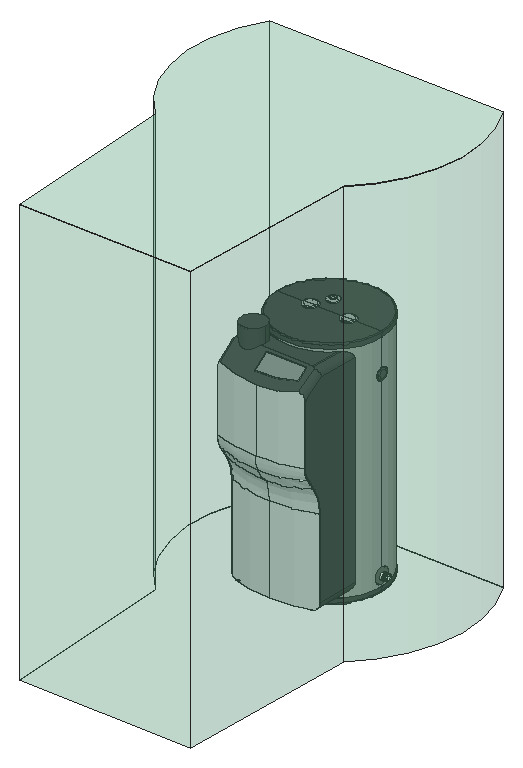
Revit family "Innovo BEFR_IR 12 200 BEFR NAT", category Mechanical Equipment, Revit 2015
Parameters (values of type "IR-12-200 BEFR NAT")
  largeur d'emballage = 786 mm  # constant formula
  l'Intervalle d'Entretien = "12 mois"  # constant formula
  Workspace Radius = Diameter + 170 mm  # 730 mm
  Workspace Height = Hauteur + 1000 mm  # 2270 mm
  Workspace Front Distance = 1000 mm
  Workspace [instance] = yes
  Valve Height 02 = if(and(Hauteur = 1745 mm, Diameter = 675 mm), 1518 mm, if(and(Hauteur = 1745 mm, Diameter = 610 mm), 1534 mm, if(Hauteur = 1545 mm, 1328 mm, 1070 mm)))  # 1070 mm
  Valve Height 01 = if(and(Diameter > 560 mm), 693 mm, 604 mm)  # 604 mm
  Valeur Maximale du Thermostat de Régulation = 85 °C  # constant formula
  Valeur Manimale du Thermostat de Régulation = 40 °C  # constant formula
  Valeur Défaut du Thermostat de Régulation = 65 °C  # constant formula
  URL = "www.aosmith.be"
  Type d'Installation = "B23/C13/C33/C43/C53/C63"  # constant formula
  Type d'emballage = "Carton et bois"  # constant formula
  Tension d'Alimentation (-15%, +10%) = 230 V  # constant formula
  Température Maximale des Fumées = 45 °C
  Temps de réchauffement à ΔT = 70°C = "42"
  Temps de réchauffement à ΔT = 55°C = "34"
  Temps de réchauffement à ΔT = 50°C = "31"
  Temps de réchauffement à ΔT = 44°C = "27"
  Temps de réchauffement à ΔT = 28°C = "17"
  Spécifications du Produit = ""
  Réglages du thermostat du chauffe-eau = 65 °C  # constant formula
  Réglage Standard Pour = "G31"
  Rendement Saisonnier (Hs) = [Rendement (Hs, acc. NEN-EN 89 - 1999)]  # 96
  Rendement (Hs, acc. NEN-EN 89 - 1999) = 96
  Rendement (Hi, acc. NEN-EN 89 - 1999) = 107
  Raccord Évacuation de la Condensation = 40 mm  # constant formula
  Raccord de la Soupape de Vidange = 3/4"
  Raccord de Sortie d'Eau Chaude = 3/4"
  Raccord de Gaz = 15"  # constant formula
  Raccord d'Alimentation en Eau Froide = 3/4"  # constant formula
  Raccord Robinet de Vidange = 3/4"  # constant formula
  Puissance Électrique Absorbée (sommet) = 85 W
  Puissance Électrique Absorbée (nominal) = 25 W
  Profondeur d'emballage = 946 mm  # constant formula
  Profondeur = 780 mm  # constant formula
  Profils de soutirage déclaré = "XL"
  Production Nominale = "11400.0"
  Pression de Fonctionnement Maximale = 800000.0 Pa  # constant formula
  Pression Différentielle d'Ouverture de l'Interrupteur de Pression < = 115.0 Pa
  Pression Amont de Gaz = "3700 Pa"
  Precaustions during assembling, installation or maintenance = "voir Manuel d'installation, d'emploi er d'entretien"  # constant formula
  Poids à vide = 95 kg
  Poids de Transport = 114 kg
  Phase = 1
  Pertes en Veille - tous les jours (24h) = 0 W
  Pertes en Veille = 0 W
  Nombre de modèle du produit (EAN) = "8717449285906"
  Niveau du Son dB (A) = "<45"  # constant formula
  Niveau de puissance acoustique à l'intérieur = "41 dB"
  NOx-émissions mg/kWh = "23"
  NOx-émissions (ven air, 0% O2) ppm = "14"
  Modèdele = "IR-12-160"
  Model = "IR-12-160 FR LP"
  Marque commerciale = "A.O. Smith"  # constant formula
  Manufacturer = "A.O. Smith Water Products Company b.v."  # constant formula
  Largeur = Diameter  # 560 mm
  La commande intelligente = no
  L'efficacité énergétique pour le chauffage de l'eau (2) = "-"
  L'efficacité énergétique pour le chauffage de l'eau (1) = "92%"
  Hauteur du Raccordement au Gaz = 860 mm
  Hauteur de la Sortie d'eau Chaude = 1270 mm
  Hauteur de l'Alimentation en eau Froide = 170 mm
  Hauteur d'emballage = 1465 mm
  Hauteur Conduit d'Évacuation des Fumées = 1295 mm
  Hauteur Conduit d'Alimentation en Air = 1295 mm
  Hauteur = 1270 mm
  Guide de Produit = ""
  Garantie sur la Cuve = "36 mois"  # constant formula
  Garantie Pièces = "12 mois"  # constant formula
  Fréquence secteur = 50 Hz  # constant formula
  Forctionner qu'en heures creuses = no
  Fabricant No. = "E 7110"  # constant formula
  Epaisseur d'Isolation = 50 mm
  Débit de vidage à ΔT = 70°C après 90 min. = 270.0 L
  Débit de vidage à ΔT = 70°C après 60 min. = 200.0 L
  Débit de vidage à ΔT = 70°C après 30 min. = 120.0 L
  Débit de vidage à ΔT = 70°C après 120 min. = 340.0 L
  Débit de vidage à ΔT = 55°C après 90 min. = 370.0 L
  Débit de vidage à ΔT = 55°C après 60 min. = 270.0 L
  Débit de vidage à ΔT = 55°C après 30 min. = 180.0 L
  Débit de vidage à ΔT = 55°C après 120 min. = 460.0 L
  Débit de vidage à ΔT = 50°C après 90 min. = 410.0 L
  Débit de vidage à ΔT = 50°C après 60 min. = 310.0 L
  Débit de vidage à ΔT = 50°C après 30 min. = 210.0 L
  Débit de vidage à ΔT = 50°C après 120 min. = 510.0 L
  Débit de vidage à ΔT = 44°C après 90 min. = 480.0 L
  Débit de vidage à ΔT = 44°C après 60 min. = 360.0 L
  Débit de vidage à ΔT = 44°C après 30 min. = 250.0 L
  Débit de vidage à ΔT = 44°C après 120 min. = 590.0 L
  Débit de vidage à ΔT = 28°C après 90 min. = 780.0 L
  Débit de vidage à ΔT = 28°C après 60 min. = 600.0 L
  Débit de vidage à ΔT = 28°C après 30 min. = 420.0 L
  Débit de vidage à ΔT = 28°C après 120 min. = 960.0 L
  Débit de vidage en Continu à ΔT = 70°C = 150.0 L/s
  Débit de vidage en Continu à ΔT = 55°C = 190.0 L/s
  Débit de vidage en Continu à ΔT = 50°C = 200.0 L/s
  Débit de vidage en Continu à ΔT = 44°C = 230.0 L/s
  Débit de vidage en Continu à ΔT = 28°C = 360.0 L/s
  Diamètre Cheminée - Système Parallèle = "2x80"  # constant formula
  Diamètre Cheminée - Système Concentrique = "80/125 mm/mm"  # constant formula
  Diamètre Cheminée - Boiler = "80/125 mm/mm"  # constant formula
  Diameter = 560 mm
  Destination / Country = "Belgique"  # constant formula
  Description = "Préparateur ECS Solaire en Combinaison avec Réservoir de Stockage"  # constant formula
  D'autres profils de soutirage = "-"
  Created By = "http://www.cadcompany.nl/"
  Consommation de Gaz - Volume ltr/hr = "a/p"
  Consommation de Gaz - Masse kg/h = "0.9"
  Class d'efficacité énergétique (2) = "-"
  Class d'efficacité énergétique (1) = "A"  # constant formula
  Charge Nominale (Valeur Supérieure) = "11800.0"
  Charge Nominale (Valeur Inférieure) = "10900.0"
  Charge Maximale au Sol = 274 kg
  Catégorie de Gaz = "I3P"
  Capacité = 160.0 L
  CO2 Émissions (tol. +/- 1.0) vol% = "10.0"
  CE-PIN = "0063CQ3037"  # constant formula
  BIM Content Developer = "CAD & Company"  # constant formula
  Assembly Code = "D3010"
  Annual fuel consumption (2) = "-"
  Annual fuel consumption (1) = "16 GJ GCV"
  Annual electricity consumption (2) = "-"
  Annual electricity consumption (1) = "38 kWh"
  2ème Entretien (Entretien Général) = "12 mois après l'installation"  # constant formula
  1er Entretien (check-up) = "3 mois après l'installation"  # constant formula
Reference planes
  plane 1 "Center (Front/Back)": y = 0
  plane 2: z = 0
  plane 3 "Center (Left/Right)": x = 0
  plane 4 "Pipe": through (-383.901, 912.349, 194.799) normal (-0.0879, -0.0879, 0.9923)
  plane 5 "footing": y = 118.925
  plane 6 "footing front": y = -237.85
  plane 7: x = -280
  plane 8: x = 280
  plane 9: z = 1270
Forms (mm)
  Revolve 1, solid, material "RAL 9005", detail levels medium+fine
    sketch origin (0, -237.85, 0) x (-1, 0, 0) y (0, 0, 1)
      loop
        line (0, 28.9) -> (-15, 28.9) -> (-15, 26.4) -> (-8.671, 26.4) -> (-8.671, 18) -> (-5.686, 18) -> (-6.626, 17.06) -> (-6.626, 12.06) -> (-8.671, 12.06) -> (-8.671, 10) -> (-10.031, 10) -> (-23.271, 5.181)
        arc (-23.271, 5.181) -> (-23.763, 4.836) -> (-24.017, 4.293) r 1.159
        line (-24.017, 4.293) -> (-24.017, 1.03)
        arc (-24.017, 1.03) -> (-23.715, 0.302) -> (-22.986, 0) r 1.03
        line (-22.986, 0) -> (0, 0) -> (0, 28.9)
      axis (0, 28.9) -> (0, 0)
    angle from 0 to 360
  Revolve 2, solid, material "RAL 9005", detail levels medium+fine
    sketch origin (0, 118.925, 0) x (-1, 0, 0) y (0, 0, 1)
      loop
        line (-180.984, 28.9) -> (-195.984, 28.9) -> (-195.984, 26.4) -> (-189.655, 26.4) -> (-189.655, 18) -> (-186.67, 18) -> (-187.61, 17.06) -> (-187.61, 12.06) -> (-189.655, 12.06) -> (-189.655, 10) -> (-191.015, 10) -> (-204.256, 5.181)
        arc (-204.256, 5.181) -> (-204.747, 4.836) -> (-205.001, 4.293) r 1.159
        line (-205.001, 4.293) -> (-205.001, 1.03)
        arc (-205.001, 1.03) -> (-204.699, 0.302) -> (-203.971, 0) r 1.03
        line (-203.971, 0) -> (-180.984, 0) -> (-180.984, 28.9)
      axis (-180.984, 28.9) -> (-180.984, 0)
    angle from 0 to 360
  Revolve 3, solid, material "RAL 9005", detail levels medium+fine
    sketch origin (0, 118.925, 0) x (-1, 0, 0) y (0, 0, 1)
      loop
        line (179.016, 28.9) -> (164.016, 28.9) -> (164.016, 26.4) -> (170.345, 26.4) -> (170.345, 18) -> (173.33, 18) -> (172.39, 17.06) -> (172.39, 12.06) -> (170.345, 12.06) -> (170.345, 10) -> (168.985, 10) -> (155.744, 5.181)
        arc (155.744, 5.181) -> (155.253, 4.836) -> (154.999, 4.293) r 1.159
        line (154.999, 4.293) -> (154.999, 1.03)
        arc (154.999, 1.03) -> (155.301, 0.302) -> (156.029, 0) r 1.03
        line (156.029, 0) -> (179.016, 0) -> (179.016, 28.9)
      axis (179.016, 28.9) -> (179.016, 0)
    angle from 0 to 360
Lines and regions (mm)
  symbolic lines
    curve 1: line (0, 280.06, 0) -> (0, -280.06, 0)
    curve 2: line (-255.06, 0, 0) -> (255.06, 0, 0)
  symbolic lines, style "Workspace"
    curve 3: line (623.261, 380.06, 0) -> (-623.261, 380.06, 0)
    curve 4: arc (-623.261, 380.06, 0) -> (-726.942, -66.745, 0) -> (-543.632, -487.2, 0) r 730
    curve 5: line (-543.632, -487.2, 0) -> (-396.783, -1492.825, 0)
    curve 6: line (-396.783, -1492.825, 0) -> (399.03, -1492.825, 0)
    curve 7: line (399.03, -1492.825, 0) -> (545.76, -484.816, 0)
    curve 8: arc (545.76, -484.816, 0) -> (727.087, -65.154, 0) -> (623.261, 380.06, 0) r 730
Dimensions and locks
  plane 5 "footing" to plane 1 "Center (Front/Back)" = 118.925 mm
  plane 1 "Center (Front/Back)" to plane 6 "footing front" = 237.85 mm
  "Diameter": plane 7 to plane 8
  equal spacing: plane 7, plane 3 "Center (Left/Right)", plane 8
  "Hauteur": plane 9 to plane 2
  "Workspace Front Distance": curve 6 to nested 3
  "Workspace Radius": radius of curve 4
  "Workspace Radius": radius of curve 8
  aligned and locked: level to plane 2
  aligned and locked: nested 3 to Revolve 1 sketch curve
  aligned and locked: plane 3 "Center (Left/Right)" to Revolve 1 sketch curve
  aligned and locked: nested 3 to plane 1 "Center (Front/Back)"
  aligned and locked: plane 3 "Center (Left/Right)" to nested 3
  aligned and locked: nested 1 to plane 8
  aligned and locked: nested 5 to plane 8
  aligned and locked: nested 2 to plane 7
  aligned and locked: nested 4 to plane 7
  aligned and locked: nested 7 to plane 7
  aligned and locked: nested 8 to plane 3 "Center (Left/Right)"
  aligned and locked: plane 1 "Center (Front/Back)" to nested 8
  aligned and locked: nested 8 to nested 3
  aligned and locked: curve 3 to nested 8
Automatic sketch dimensions
  Revolve 1 sketch curve to level = 0 mm
  plane 3 "Center (Left/Right)" to Revolve 1 sketch curve = 5.686 mm
  Revolve 1 sketch curve to Revolve 1 sketch curve = 0.94 mm  (x2)
  Revolve 1 sketch curve to Revolve 1 sketch curve = 2.046 mm  (x2)
  Revolve 1 sketch curve to Revolve 1 sketch curve = 1.359 mm
  Revolve 1 sketch curve to Revolve 1 sketch curve = 6.329 mm
  level to Revolve 1 sketch curve = 4.091 mm
  Revolve 1 sketch curve to Revolve 1 sketch curve = 12.844 mm
  level to Revolve 1 sketch curve = 1.03 mm
  Revolve 1 sketch curve to Revolve 1 sketch curve = 0.111 mm
  level to Revolve 1 sketch curve = 5.181 mm
  Revolve 1 sketch curve to Revolve 1 sketch curve = 0.745 mm
  level to Revolve 1 sketch curve = 10 mm
  Revolve 1 sketch curve to Revolve 1 sketch curve = 2.06 mm
  Revolve 1 sketch curve to Revolve 1 sketch curve = 5 mm
  Revolve 1 sketch curve to Revolve 1 sketch curve = 8.4 mm
  Revolve 1 sketch curve to Revolve 1 sketch curve = 2.5 mm
  Revolve 1 sketch curve to level = 19.635 mm
  Revolve 1 sketch curve to Revolve 1 sketch curve = 46.465 mm
  Revolve 2 sketch curve to level = 0 mm
  level to Revolve 2 sketch curve = 1.03 mm
  Revolve 2 sketch curve to plane 8 = 74.999 mm
  level to Revolve 2 sketch curve = 5.181 mm
  Revolve 2 sketch curve to Revolve 2 sketch curve = 0.745 mm
  Revolve 2 sketch curve to Revolve 2 sketch curve = 0.397 mm
  Revolve 2 sketch curve to Revolve 2 sketch curve = 8.271 mm
  Revolve 2 sketch curve to Revolve 2 sketch curve = 13.241 mm
  Revolve 2 sketch curve to Revolve 2 sketch curve = 1.359 mm
  Revolve 2 sketch curve to Revolve 2 sketch curve = 6.329 mm
  Revolve 2 sketch curve to Revolve 2 sketch curve = 2.046 mm
  level to Revolve 2 sketch curve = 18 mm
  Revolve 2 sketch curve to Revolve 2 sketch curve = 0.94 mm  (x2)
  Revolve 2 sketch curve to Revolve 2 sketch curve = 8.671 mm
  Revolve 2 sketch curve to Revolve 2 sketch curve = 1.089 mm
  Revolve 2 sketch curve to Revolve 2 sketch curve = 8 mm
  Revolve 2 sketch curve to Revolve 2 sketch curve = 2.06 mm
  Revolve 2 sketch curve to Revolve 2 sketch curve = 8.4 mm
  Revolve 2 sketch curve to Revolve 2 sketch curve = 2.5 mm
  Revolve 2 sketch curve to Revolve 2 sketch curve = 0 mm
  Revolve 2 sketch curve to level = 19.635 mm
  Revolve 2 sketch curve to Revolve 2 sketch curve = 46.465 mm
  Revolve 3 sketch curve to level = 0 mm
  level to Revolve 3 sketch curve = 1.03 mm
  Revolve 3 sketch curve to plane 7 = 125.001 mm
  level to Revolve 3 sketch curve = 5.181 mm
  Revolve 3 sketch curve to Revolve 3 sketch curve = 0.745 mm
  Revolve 3 sketch curve to Revolve 3 sketch curve = 0.397 mm
  Revolve 3 sketch curve to Revolve 3 sketch curve = 8.271 mm
  Revolve 3 sketch curve to Revolve 3 sketch curve = 13.241 mm
  Revolve 3 sketch curve to Revolve 3 sketch curve = 1.359 mm
  Revolve 3 sketch curve to Revolve 3 sketch curve = 6.329 mm
  Revolve 3 sketch curve to Revolve 3 sketch curve = 2.046 mm
  level to Revolve 3 sketch curve = 18 mm
  Revolve 3 sketch curve to Revolve 3 sketch curve = 0.94 mm  (x2)
  Revolve 3 sketch curve to Revolve 3 sketch curve = 8.671 mm
  Revolve 3 sketch curve to Revolve 3 sketch curve = 1.089 mm
  Revolve 3 sketch curve to Revolve 3 sketch curve = 8 mm
  Revolve 3 sketch curve to Revolve 3 sketch curve = 2.06 mm
  Revolve 3 sketch curve to Revolve 3 sketch curve = 8.4 mm
  Revolve 3 sketch curve to Revolve 3 sketch curve = 2.5 mm
  Revolve 3 sketch curve to Revolve 3 sketch curve = 0 mm
  Revolve 3 sketch curve to level = 19.635 mm
  Revolve 3 sketch curve to Revolve 3 sketch curve = 46.465 mm
  curve 4 to curve 8 = 0 mm  (x2)
  plane 1 "Center (Front/Back)" to curve 2 = 0 mm
  curve 1 to plane 3 "Center (Left/Right)" = 0 mm
  plane 1 "Center (Front/Back)" to curve 4 = 0 mm
  curve 4 to plane 3 "Center (Left/Right)" = 0 mm
  curve 5 to plane 6 "footing front" = 249.35 mm
  plane 7 to curve 5 = 116.783 mm
  plane 8 to curve 7 = 119.03 mm
  curve 7 to plane 6 "footing front" = 246.966 mm
  curve 2 to plane 7 = 24.94 mm
  curve 2 to plane 8 = 24.94 mm
  curve 1 to plane 6 "footing front" = 42.21 mm
  plane 5 "footing" to curve 1 = 161.135 mm
Nested families
  nested 1: "Valve" at (280, -0.38, 1070) x (0, 1, 0) z (0, 0, 1), built-in parameter 1001364 <- "Valve Height 02", type "Valve"
  nested 2: "Drain Valve" at (-280, 0, 1070), built-in parameter 1001364 <- "Valve Height 02", type "Drain Valve"
  nested 3: "Housing Mother Housing S 57 (external)" at (0, -274.886, 0), type "Housing Mother_Housing S_57"
  nested 4: "Drain Valve" at (-280, 0, 177), type "Drain Valve"
  nested 5: "Drain Valve" at (280, 0, 107) x (-1, 0, 0) z (0, 0, 1), type "Drain Valve"
  nested 6: "Boiler" at (0, 0, 0), height <- "Hauteur", type "Boiler"
    with height 1270 mm
  nested 7: "Drain Valve" at (-280, 0, 604), built-in parameter 1001364 <- "Valve Height 01", type "Drain Valve"
  nested 8: "Innovo_workspace" at (0, 0, 0), Workspace <- "Workspace", Workspace Distance Front <- "Workspace Front Distance", Workspace Height <- "Workspace Height", Workspace Radius <- "Workspace Radius", type "Workspace"
    with Workspace Radius 730 mm, Workspace Height 2270 mm, Workspace Distance Front 1000 mm, Workspace yes, Center to Front 492.825 mm
Connectors
  piping at (314.826, 0, 107), diameter 19.05, driven by "Raccord Robinet de Vidange"
    settings: on nested 5, index 1, connector inside diameter 24", connector length 0 mm, flow factor 0, pipe flow 0.0 L/s, pressure drop 0.0 Pa, fitting loss kfactor 0, connector angle 0.00°, fixture units 0, engagement length 0 mm, angle of deflection 0.00°, flow configuration 0, flow direction 0, fitting loss method 0, system type 19, joint type 0, gender type 0, connector reference index -1, connector utility 0, adjustable connector no, is connector primary yes, connector description ""
  hvac at (-147.013, -321.326, 1310.674)
    settings: on nested 3, index 2, duct flow 0.0 L/s, flow factor 0, pres drop 0.0 Pa, loss coef 0, conn angle 0.00°, conn width 304.8 mm, conn height 304.8 mm, conn diameter 125 mm, duct sys type 4, conn prof type 0, flow config 0, flow direction 0, loss method 0, conn ref index -1, conn util no, is conn primary yes, conn desc ""
Definition of nested family "Valve"
  Parameters (values of type "Valve")
    Type Comments = "T&P valve (internal)"
    Manufacturer = "A.O. Smith"
  Reference planes
    plane 1 "Center (Front/Back)": y = 0
    plane 2: z = 0
    plane 3 "Center (Left/Right)": x = 0
  Forms (mm)
    Extrusion 1, solid, detail levels fine
      sketch origin (0, 0, 0) x (1, 0, 0) y (0, 0, 1)
        loop
          circle (0, 0) r 31.5
      from -2.271 to 1.4
    Sweep 2, solid, detail levels fine
      path origin (0, -1.4, 0) x (1, 0, 0) y (0, 0, 1)
        loop
          circle (0, 0) r 31.5
      profile origin (0, -1.4, 31.5) x (0, 0, -1) y (0, -1, 0)
        loop
          line (7.3, 0) -> (7.3, 3) -> (0, 0) -> (7.3, 0)
  Dimensions and locks
    aligned and locked: level to plane 2
Definition of nested family "Drain Valve"
  Reference planes
    plane 1 "Center (Front/Back)": y = 0
    plane 2: z = 0
    plane 3 "Center (Left/Right)": x = 0
  Forms (mm)
    Revolve 1, solid, detail levels medium+fine
      sketch origin (0, 0, 0) x (1, 0, 0) y (0, 0, 1)
        loop
          line (-33.442, 15.696) -> (-34.826, 14.329) -> (-34.93, 12.731) -> (-16.555, 12.731) -> (-16.555, 0) -> (15.787, 0) -> (15.787, 18.3) -> (-14.4, 18.3) -> (-17.148, 15.533) -> (-18.729, 16.697) -> (-20.091, 15.333) -> (-21.672, 16.496) -> (-23.034, 15.133) -> (-24.614, 16.296) -> (-25.976, 14.932) -> (-27.557, 16.096) -> (-28.919, 14.732) -> (-30.5, 15.896) -> (-31.862, 14.532) -> (-33.442, 15.696)
        axis (-34.93, 0) -> (15.787, 0)
      angle from 0 to 360
  Dimensions and locks
    aligned and locked: level to plane 2
  Nested families
    nested 1: "Rubber sealing" at (2.592, -0.155, 0) x (0.0023, -1, 0) z (0, 0, 1), type "Rubber sealing", detail levels fine
  Definition of nested family "Rubber sealing"
    Reference planes
      plane 1 "Center (Front/Back)": y = 0
      plane 2: z = 0
      plane 3 "Center (Left/Right)": x = 0
    Forms (mm)
      Extrusion 1, solid, detail levels fine
        sketch origin (141.861, 319.581, 0) x (1, 0, 0) y (0, 1, 0)
          loop
            line (-216.354, -311.898) -> (-216.354, -313.94)
            arc (-216.354, -313.94) -> (-141.602, -321.581) -> (-66.861, -313.835) r 366.966
            line (-66.861, -313.835) -> (-66.861, -311.791)
            arc (-66.861, -311.791) -> (-141.602, -319.581) -> (-216.354, -311.898) r 364.966
        from -80 to 80
      Extrusion 2, void
        sketch origin (141.861, 319.581, 0) x (1, 0, 0) y (0, 0, 1)
          loop
            circle (-141.861, 0) r 13
          loop
            circle (-141.861, 0) r 110
          loop
            circle (-141.861, 0) r 40
        from 311.563 to 332.684
      Extrusion 3, void
        sketch origin (141.861, 319.581, 0) x (1, 0, 0) y (0, 0, 1)
          loop
            circle (-141.861, 0) r 18.25
        from 315.524 to 326.084
    Cuts and joins
      Extrusion 2, Extrusion 3 cuts Extrusion 1
    Dimensions and locks
      aligned and locked: level to plane 2
Definition of nested family "Housing Mother Housing S 57 (external)"
  Parameters (values of type "Housing Mother_Housing S_57")
    radius [instance] = 280 mm
    distance to boiler center = if(diameter = 675 mm, 189 mm, if(diameter = 610 mm, 154 mm, 129 mm))  # 129 mm
    diameter = 560 mm
  Reference planes
    plane 1 "Center (Front/Back)": y = 0
    plane 2: z = 0
    plane 3 "Center (Left/Right)": x = 0
    plane 4 "left": through (-245.286, 145.886, 1200) normal (0.9994, 0.0349, 0)
    plane 5: y = -217.939
    plane 6: y = 145.886
    plane 7: z = 1232.6
    plane 8: z = 65.89
    plane 9 "right": through (245.286, 145.886, 1200) normal (0.9994, -0.0349, 0)
    plane 10 "display": through (0, -90.37, 1221.196) normal (0, -0.5736, 0.8192)
    plane 11 "Potentiostat": z = 867.899
    plane 12 "boiler center": y = 274.886
    plane 13: x = -280
    plane 14: x = 280
  Forms (mm)
    Extrusion 1, solid
      sketch origin (0, 0, 0) x (1, 0, 0) y (0, 1, 0)
        loop
          line (-245.286, 145.886) -> (-232.581, -217.939) -> (232.581, -217.939) -> (245.286, 145.886)
          arc (245.286, 145.886) -> (0, 0.923) -> (-245.286, 145.886) r 280
      from 0 to 1232.6
    Sweep 2, void
      path origin (0, 0, 0) x (0, 1, 0) y (0, 0, 1)
        loop
          line (-217.939, 1232.6) -> (-217.939, 795.555)
          arc (-217.939, 795.555) -> (-212.387, 754.285) -> (-197.694, 715.322) r 183.924
          arc (-197.694, 715.322) -> (-179.915, 684.628) -> (-159.106, 655.901) r 348.284
          arc (-159.106, 655.901) -> (-131.411, 600.328) -> (-121.88, 538.973) r 202.254
          line (-121.88, 538.973) -> (-121.88, 61.106)
      profile origin (0, -217.939, 1014.077) x (1, 0, 0) y (0, 1, 0)
        loop
          arc (0, 0) -> (-117.533, 9.941) -> (-231.728, 39.475) r 699.984
          arc (-231.728, 39.475) -> (-233.391, 40.705) -> (-234.07, 42.659) r 3.505
          line (-234.07, 42.659) -> (-254.062, 42.659) -> (-254.062, -142.593) -> (254.07, -142.593) -> (254.07, 42.659) -> (234.07, 42.659)
          arc (234.07, 42.659) -> (233.391, 40.705) -> (231.728, 39.475) r 3.505
          arc (231.728, 39.475) -> (117.533, 9.941) -> (0, 0) r 699.984
    Extrusion 3, void
      sketch origin (0, 0, 0) x (0, 1, 0) y (0, 0, 1)
        loop
          arc (102.864, 70.869) -> (99.804, 70.709) -> (96.874, 69.813) r 12.57
          arc (96.874, 69.813) -> (87.878, 66.533) -> (78.516, 64.529) r 69.114
          arc (78.516, 64.529) -> (76.41, 64.284) -> (74.294, 64.148) r 41.206
          arc (74.294, 64.148) -> (65.203, 64.335) -> (56.122, 64.782) r 318.661
          arc (56.122, 64.782) -> (30.585, 66.179) -> (5.028, 67.128) r 1456.581
          line (5.028, 67.128) -> (-84.534, 73.135)
          arc (-84.534, 73.135) -> (-86.363, 73.808) -> (-87.536, 75.365) r 3.455
          line (-87.536, 75.365) -> (-264.473, 75.365) -> (-264.473, 0) -> (160.886, 0) -> (160.886, 103.945) -> (145.886, 103.945)
          arc (145.886, 103.945) -> (145.104, 97.827) -> (142.923, 92.059) r 26.364
          arc (142.923, 92.059) -> (141.067, 88.936) -> (138.867, 86.045) r 31.715
          arc (138.867, 86.045) -> (135.576, 82.49) -> (132.021, 79.2) r 62.615
          arc (132.021, 79.2) -> (125.841, 74.697) -> (119.091, 71.103) r 54.444
          arc (119.091, 71.103) -> (116.371, 70.272) -> (113.531, 70.123) r 11.669
          line (113.531, 70.123) -> (102.864, 70.869)
      from -254.062 to 254.07
    Sweep 4, void
      path origin (0, 0, 0) x (1, 0, 0) y (0, 1, 0)
        loop
          line (-245.286, 145.886) -> (-232.581, -217.939)
      profile origin (-238.933, -36.027, 0) x (0.999391, 0.034899, 0) y (0, 0, 1)
        loop
          line (-4.454, 0) -> (47.084, 0) -> (47.084, 73.431)
          arc (47.084, 73.431) -> (14.222, 85.134) -> (0.255, 117.1) r 43.922
          line (0.255, 117.1) -> (-4.454, 117.1) -> (-4.454, 0)
    Sweep 5, void
      path origin (0, 0, 0) x (-1, 0, 0) y (0, 1, 0)
        loop
          line (-245.286, 145.886) -> (-232.581, -217.939)
      profile origin (238.933, -36.027, 0) x (0.999391, -0.034899, 0) y (0, 0, 1)
        loop
          line (4.454, 0) -> (4.454, 117.1) -> (-0.255, 117.1)
          arc (-0.255, 117.1) -> (-14.222, 85.134) -> (-47.084, 73.431) r 43.922
          line (-47.084, 73.431) -> (-47.084, 0) -> (4.454, 0)
    Sweep 6, void
      path origin (-239.899, -8.377, 0) x (-0.034899, 0.999391, 0) y (0, 0, 1)
        loop
          line (-209.69, 1141.272) -> (-79.18, 1232.6) -> (154.358, 1232.6)
      profile origin (-241.211, 29.188, 1232.6) x (0, 0, 1) y (0.999391, 0.034899, 0)
        loop
          line (-45, -30) -> (75, -30) -> (75, 0) -> (75, 55) -> (2.799, 55) -> (-1.253, 35.128)
          arc (-1.253, 35.128) -> (-16.771, 9.564) -> (-45, -0.308) r 44.287
          line (-45, -0.308) -> (-45, -30)
    Sweep 7, void
      path origin (239.899, -8.377, 0) x (0.034899, 0.999391, 0) y (0, 0, 1)
        loop
          line (-209.69, 1141.272) -> (-79.18, 1232.6) -> (154.358, 1232.6)
      profile origin (241.211, 29.188, 1232.6) x (0, 0, -1) y (-0.999391, 0.034899, 0)
        loop
          line (-75, -25) -> (45, -25) -> (45, -0.308)
          arc (45, -0.308) -> (16.771, 9.564) -> (1.253, 35.128) r 44.287
          line (1.253, 35.128) -> (-2.799, 55) -> (-75, 55) -> (-75, -25)
    Extrusion 8, void
      sketch origin (0, 0, 0) x (0, 1, 0) y (0, 0, 1)
        loop
          line (-270, 1336.099) -> (-270, 1099.081) -> (68.497, 1336.099) -> (-270, 1336.099)
      from -425.038 to 444.42
    Extrusion 9, solid, detail levels medium+fine
      sketch origin (0, 0, 0) x (1, 0, 0) y (0, 1, 0)
        loop
          circle (-147.013, -46.44) r 65
      from 1163.174 to 1310.674
    Extrusion 10, void
      sketch origin (0, -603.506, 861.895) x (0, 0.819152, 0.573576) y (-1, 0, 0)
        loop
          arc (618.322, -173) -> (623.272, -170.95) -> (625.322, -166) r 7
          line (625.322, -166) -> (625.322, 35)
          arc (625.322, 35) -> (623.272, 39.95) -> (618.322, 42) r 7
          line (618.322, 42) -> (535.473, 42)
          arc (535.473, 42) -> (530.688, 40.11) -> (528.488, 35.46) r 7
          arc (528.488, 35.46) -> (531.569, -67.592) -> (554.18, -168.18) r 540
          arc (554.18, -168.18) -> (556.724, -171.668) -> (560.831, -173) r 7
          line (560.831, -173) -> (618.322, -173)
      from 0 to 137.286
    Sweep 11, solid, detail levels fine
      path origin (0, 0, 867.899) x (-1, 0, 0) y (0, -1, 0)
        loop
          line (309.749, -35.617) -> (204.371, -35.617)
          arc (204.371, -35.617) -> (196.509, -34.687) -> (189.082, -31.947) r 33.677
          line (189.082, -31.947) -> (-9.574, 69.274)
      profile origin (-257.06, 35.617, 867.899) x (0, 1, 0) y (0, 0, 1)
        loop
          circle (0, 0) r 7.316
        loop
          circle (0, 0) r 6.465
    Revolve 12, void
      sketch origin (0, 274.886, 0) x (-1, 0, 0) y (0, 0, 1)
        loop
          line (280, 1243.838) -> (0, 1243.838) -> (0, 54.9) -> (280, 54.9) -> (280, 1243.838)
        axis (0, 1243.838) -> (0, 54.9)
      angle from 0 to 360
  Cuts and joins
    Sweep 2, Extrusion 3, Sweep 4, Sweep 5, Sweep 6, Sweep 7, Extrusion 8, Extrusion 10, Revolve 12 cuts Extrusion 1
  Dimensions and locks
    plane 8 to plane 2 = 65.89 mm
    plane 7 to plane 8 = 1166.71 mm
    "distance to boiler center": plane 12 "boiler center" to plane 6
    "diameter": plane 14 to plane 13
    equal spacing: plane 14, plane 3 "Center (Left/Right)", plane 13
    "radius": plane 3 "Center (Left/Right)" to plane 13
    aligned and locked: level to plane 2
    aligned and locked: Extrusion 1 to plane 7
    aligned and locked: Extrusion 1 sketch curve to plane 5
    aligned and locked: Sweep 2 to Extrusion 3
    aligned and locked: Extrusion 3 to Sweep 2  (x2)
    aligned and locked: plane 7 to Sweep 2 sketch curve
    aligned and locked: plane 3 "Center (Left/Right)" to Revolve 12 sketch curve
    aligned and locked: Revolve 12 sketch curve to plane 3 "Center (Left/Right)"
    aligned and locked: plane 13 to Revolve 12 sketch curve
  Automatic sketch dimensions
    Extrusion 1 sketch curve to plane 4 "left" = 0 mm  (x2)
    Extrusion 1 sketch curve to plane 6 = 0 mm  (x2)
    Extrusion 1 sketch curve to plane 3 "Center (Left/Right)" = 0 mm
    Extrusion 1 sketch curve to plane 9 "right" = 0 mm
    plane 6 to Extrusion 1 sketch curve = 135.037 mm
    Sweep 2 sketch curve to plane 5 = 0 mm
    plane 5 to Sweep 2 sketch curve = 106.195 mm
    Sweep 2 sketch curve to plane 5 = 96.059 mm
    plane 1 "Center (Front/Back)" to Sweep 2 sketch curve = 34.053 mm
    plane 11 "Potentiostat" to Sweep 2 sketch curve = 6.417 mm
    Sweep 2 sketch curve to plane 6 = 33.705 mm
    Sweep 2 sketch curve to plane 11 "Potentiostat" = 68.615 mm
    Sweep 2 sketch curve to plane 11 "Potentiostat" = 72.345 mm
    Sweep 2 sketch curve to Sweep 2 sketch curve = 176.349 mm
    Sweep 2 sketch curve to Sweep 2 sketch curve = 0 mm  (x2)
    plane 8 to Sweep 2 sketch curve = 4.784 mm
    Extrusion 3 sketch curve to level = 0 mm
    Extrusion 3 sketch curve to plane 6 = 0 mm
    Extrusion 3 sketch curve to plane 6 = 26.363 mm
    Extrusion 3 sketch curve to Extrusion 3 sketch curve = 4.75 mm
    Extrusion 3 sketch curve to Extrusion 3 sketch curve = 5.179 mm
    Extrusion 3 sketch curve to plane 8 = 4.232 mm
    Extrusion 3 sketch curve to Extrusion 3 sketch curve = 0.814 mm
    Extrusion 3 sketch curve to plane 8 = 4.978 mm
    Extrusion 3 sketch curve to Extrusion 3 sketch curve = 10.667 mm
    Extrusion 3 sketch curve to Extrusion 3 sketch curve = 0.877 mm
    Extrusion 3 sketch curve to Extrusion 3 sketch curve = 17.827 mm
    Extrusion 3 sketch curve to Extrusion 3 sketch curve = 5.646 mm
    Extrusion 3 sketch curve to plane 6 = 69.562 mm
    Extrusion 3 sketch curve to Extrusion 3 sketch curve = 18.6 mm
    Extrusion 3 sketch curve to Extrusion 3 sketch curve = 22.538 mm
    Extrusion 3 sketch curve to plane 8 = 1.238 mm
    Extrusion 3 sketch curve to plane 1 "Center (Front/Back)" = 5.028 mm
    plane 1 "Center (Front/Back)" to Extrusion 3 sketch curve = 36.224 mm
    Extrusion 3 sketch curve to plane 8 = 10.692 mm
    plane 1 "Center (Front/Back)" to Extrusion 3 sketch curve = 84.302 mm
    Extrusion 3 sketch curve to plane 8 = 7.244 mm
    Extrusion 3 sketch curve to Extrusion 3 sketch curve = 0.231 mm
    Extrusion 3 sketch curve to Extrusion 3 sketch curve = 3.234 mm
    plane 5 to Extrusion 3 sketch curve = 46.534 mm
    plane 6 to Extrusion 3 sketch curve = 15 mm
    Extrusion 3 sketch curve to level = 1388.869 mm
    plane 8 to Extrusion 3 sketch curve = 7.561 mm
    Extrusion 3 sketch curve to Extrusion 3 sketch curve = 11.64 mm
    Extrusion 3 sketch curve to plane 8 = 38.054 mm
    Extrusion 3 sketch curve to Extrusion 3 sketch curve = 22.442 mm
    Extrusion 3 sketch curve to plane 8 = 39.432 mm
    Extrusion 3 sketch curve to Extrusion 3 sketch curve = 2.466 mm
    Extrusion 3 sketch curve to Extrusion 3 sketch curve = 14.17 mm
    Extrusion 3 sketch curve to Extrusion 3 sketch curve = 5.925 mm
    Extrusion 3 sketch curve to Extrusion 3 sketch curve = 6.186 mm
    Extrusion 3 sketch curve to Extrusion 3 sketch curve = 249.85 mm
    Extrusion 3 sketch curve to Extrusion 3 sketch curve = 0 mm  (x4)
    Extrusion 3 sketch curve to Extrusion 3 sketch curve = 6.845 mm
    plane 8 to Extrusion 3 sketch curve = 1.743 mm
    Sweep 4 sketch curve to plane 4 "left" = 0 mm  (x2)
    Sweep 4 sketch curve to plane 6 = 0 mm
    plane 5 to Sweep 4 sketch curve = 0 mm
    Sweep 4 sketch curve to level = 0 mm
    profile plane to Sweep 4 sketch curve = 4.454 mm
    Sweep 4 sketch curve to profile plane = 0.255 mm
    Sweep 4 sketch curve to Sweep 4 sketch curve = 43.922 mm
    Sweep 4 sketch curve to profile plane = 47.084 mm
    level to Sweep 4 sketch curve = 73.431 mm
    Sweep 4 sketch curve to Sweep 4 sketch curve = 43.669 mm
    Sweep 5 sketch curve to plane 6 = 0 mm
    Sweep 5 sketch curve to plane 9 "right" = 0 mm  (x2)
    plane 5 to Sweep 5 sketch curve = 0 mm
    Sweep 5 sketch curve to level = 0 mm
    profile plane to Sweep 5 sketch curve = 47.084 mm
    Sweep 5 sketch curve to Sweep 5 sketch curve = 2.907 mm
    profile plane to Sweep 5 sketch curve = 0.255 mm
    Sweep 5 sketch curve to profile plane = 4.454 mm
    level to Sweep 5 sketch curve = 73.431 mm
    Sweep 5 sketch curve to Sweep 5 sketch curve = 43.669 mm
    Sweep 6 sketch curve to plane 7 = 0 mm
    plane 7 to Sweep 6 sketch curve = 91.328 mm
    Sweep 6 sketch curve to Sweep 6 sketch curve = 130.509 mm
    Sweep 6 sketch curve to Sweep 6 sketch curve = 233.538 mm
    Sweep 6 sketch curve to plane 4 "left" = 0 mm
    profile plane to Sweep 6 sketch curve = 45 mm
    Sweep 6 sketch curve to Sweep 6 sketch curve = 0.354 mm
    profile plane to Sweep 6 sketch curve = 1.253 mm
    Sweep 6 sketch curve to profile plane = 2.799 mm
    Sweep 6 sketch curve to Sweep 6 sketch curve = 72.201 mm
    Sweep 6 sketch curve to plane 4 "left" = 0.308 mm
    Sweep 6 sketch curve to Sweep 6 sketch curve = 29.692 mm
    plane 4 "left" to Sweep 6 sketch curve = 35.128 mm
    plane 4 "left" to Sweep 6 sketch curve = 55 mm
    Sweep 7 sketch curve to plane 7 = 0 mm
    Sweep 7 sketch curve to plane 7 = 91.328 mm
    Sweep 7 sketch curve to Sweep 7 sketch curve = 130.509 mm
    Sweep 7 sketch curve to Sweep 7 sketch curve = 233.538 mm
    Sweep 7 sketch curve to plane 9 "right" = 25 mm
    profile plane to Sweep 7 sketch curve = 75 mm
    profile plane to Sweep 7 sketch curve = 2.799 mm
    Sweep 7 sketch curve to profile plane = 1.253 mm
    Sweep 7 sketch curve to Sweep 7 sketch curve = 43.393 mm
    Sweep 7 sketch curve to profile plane = 45 mm
    Sweep 7 sketch curve to plane 9 "right" = 0.308 mm
    plane 9 "right" to Sweep 7 sketch curve = 35.128 mm
    Sweep 7 sketch curve to Sweep 7 sketch curve = 19.872 mm
    plane 5 to Extrusion 8 sketch curve = 52.061 mm
    Extrusion 8 sketch curve to plane 1 "Center (Front/Back)" = 68.497 mm
    plane 7 to Extrusion 8 sketch curve = 133.519 mm
    Extrusion 8 sketch curve to plane 7 = 103.499 mm
    plane 1 "Center (Front/Back)" to Extrusion 9 sketch curve = 46.44 mm
    Extrusion 9 sketch curve to plane 3 "Center (Left/Right)" = 147.013 mm
    Extrusion 10 sketch curve to plane 3 "Center (Left/Right)" = 0 mm
    Extrusion 10 sketch curve to plane 3 "Center (Left/Right)" = 35 mm
    Extrusion 10 sketch curve to Extrusion 10 sketch curve = 25.359 mm
    Extrusion 10 sketch curve to Extrusion 10 sketch curve = 57.491 mm
    Extrusion 10 sketch curve to plane 3 "Center (Left/Right)" = 42 mm
    Extrusion 10 sketch curve to Extrusion 10 sketch curve = 82.85 mm
    Extrusion 10 sketch curve to Extrusion 10 sketch curve = 7 mm
    Extrusion 10 sketch curve to Extrusion 10 sketch curve = 442 mm
    plane 3 "Center (Left/Right)" to Extrusion 10 sketch curve = 166 mm
    Extrusion 10 sketch curve to Extrusion 10 sketch curve = 0 mm  (x2)
    Sweep 11 sketch curve to plane 1 "Center (Front/Back)" = 31.947 mm
    Sweep 11 sketch curve to plane 3 "Center (Left/Right)" = 189.082 mm
    Sweep 11 sketch curve to plane 1 "Center (Front/Back)" = 1.94 mm
    Sweep 11 sketch curve to Sweep 11 sketch curve = 15.289 mm
    plane 3 "Center (Left/Right)" to Sweep 11 sketch curve = 9.574 mm
    Sweep 11 sketch curve to Sweep 11 sketch curve = 105.378 mm
    plane 1 "Center (Front/Back)" to Sweep 11 sketch curve = 69.274 mm
    Sweep 11 sketch curve to Sweep 11 sketch curve = 0 mm  (x2)
    Sweep 11 sketch curve to plane 11 "Potentiostat" = 0 mm
    Sweep 11 sketch curve to profile plane = 0 mm
    plane 8 to Revolve 12 sketch curve = 10.99 mm
    Revolve 12 sketch curve to plane 7 = 11.238 mm
    Revolve 12 sketch curve to level = 366.045 mm
    Revolve 12 sketch curve to Revolve 12 sketch curve = 971.917 mm
    Sweep 2 sketch curve to plane 3 "Center (Left/Right)" = 0 mm
    profile plane to Sweep 2 sketch curve = 0 mm
    Sweep 2 sketch curve to plane 3 "Center (Left/Right)" = 0.016 mm
    Sweep 2 sketch curve to profile plane = 42.782 mm  (x2)
    Sweep 2 sketch curve to plane 3 "Center (Left/Right)" = 230.568 mm
    plane 3 "Center (Left/Right)" to Sweep 2 sketch curve = 0.016 mm
    plane 3 "Center (Left/Right)" to Sweep 2 sketch curve = 230.568 mm
    Sweep 2 sketch curve to Sweep 2 sketch curve = 3.502 mm  (x2)
    Sweep 2 sketch curve to Sweep 2 sketch curve = 20 mm
    profile plane to Sweep 2 sketch curve = 142.593 mm
    Sweep 2 sketch curve to Sweep 2 sketch curve = 0.122 mm  (x2)
    Sweep 2 sketch curve to Sweep 2 sketch curve = 657.203 mm
    Sweep 2 sketch curve to Sweep 2 sketch curve = 19.991 mm
    radius of Extrusion 9 sketch curve = 65 mm
    radius of Sweep 11 sketch curve = 7.316 mm
    radius of Sweep 11 sketch curve = 6.465 mm
  Nested families
    nested 1: "display" at (65.5, -130.939, 1192.79) x (-1, 0, 0) z (0, -0.5736, 0.8192), type "display"
  Definition of nested family "display"
    Parameters (values of type "display")
      Default Elevation = 1219.2 mm
    Reference planes
      plane 1 "Center (Front/Back)": y = 0
      plane 2: z = 0
      plane 3 "Center (Left/Right)": x = 0
    Forms (mm)
      Extrusion 1, solid, detail levels medium+fine
        sketch origin (-16.958, 11.842, -343.878) x (1, 0, 0) y (0, 0, -1)
          loop
            line (-233.523, -343.878) -> (-233.523, -346.592) -> (332.686, -346.592) -> (332.686, -343.878) -> (-233.523, -343.878)
        from -228.7 to 150.822
      Extrusion 2, void
        sketch origin (-16.958, 6.842, -343.878) x (1, 0, 0) y (0, 1, 0)
          loop
            line (-233.523, 155.822) -> (-233.523, -223.7) -> (332.686, -223.7) -> (332.686, 155.822) -> (-233.523, 155.822)
          loop
            arc (-90.542, -48.267) -> (-88.492, -53.216) -> (-83.542, -55.267) r 7
            line (-83.542, -55.267) -> (117.458, -55.267)
            arc (117.458, -55.267) -> (122.408, -53.216) -> (124.458, -48.267) r 7
            line (124.458, -48.267) -> (124.458, 34.583)
            arc (124.458, 34.583) -> (122.568, 39.368) -> (117.918, 41.568) r 7
            arc (117.918, 41.568) -> (14.866, 38.487) -> (-85.722, 15.876) r 540
            arc (-85.722, 15.876) -> (-89.21, 13.332) -> (-90.542, 9.224) r 7
            line (-90.542, 9.224) -> (-90.542, -48.267)
        from 328.878 to 363.083
    Cuts and joins
      Extrusion 2 cuts Extrusion 1
    Dimensions and locks
      aligned and locked: level to plane 2
Definition of nested family "Boiler"
  Parameters (values of type "Boiler")
    radius [instance] = 280 mm
    height [instance] = 1270 mm
    Diameter = 560 mm
  Reference planes
    plane 1 "Center (Front/Back)": y = 0
    plane 2: z = 0
    plane 3 "Center (Left/Right)": x = 0
    plane 4: z = 1243.838
    plane 5: z = 1270
    plane 6 "bottom": z = 28.9
    plane 7: z = 54.9
    plane 8 "top controle": y = 88
    plane 9: x = -280
    plane 10: x = 280
  Forms (mm)
    Revolve 1, solid
      sketch origin (0, 0, 0) x (1, 0, 0) y (0, 0, 1)
        loop
          line (0, 54.9) -> (-280, 54.9) -> (-280, 32.9)
          arc (-280, 32.9) -> (-278.828, 30.072) -> (-276, 28.9) r 4
          line (-276, 28.9) -> (0, 28.9) -> (0, 54.9)
        axis (0, 28.9) -> (0, 54.9)
      angle from 0 to 360
    Revolve 2, solid
      sketch origin (1.311, 0, 0) x (1, 0, 0) y (0, 0, 1)
        loop
          line (-278.86, 1243.838) -> (-278.86, 54.9) -> (-1.311, 54.9) -> (-1.311, 1243.838) -> (-278.86, 1243.838)
        axis (-1.311, 1243.838) -> (-1.311, 54.9)
      angle from 0 to 360
    Revolve 3, solid
      sketch origin (-9.205, 0, 377.212) x (-1, 0, 0) y (0, 0, 1)
        loop
          line (-148.904, 892.788) -> (-110.805, 892.788) -> (-110.805, 895.963) -> (-141.883, 895.963) -> (-148.904, 893.62) -> (-148.904, 892.788)
        axis (-110.805, 892.788) -> (-110.805, 895.963)
      angle from 0 to 360
    Revolve 4, solid
      sketch origin (0, 0, 718.065) x (1, 0, 0) y (0, 0, -1)
        loop
          line (0, -525.773) -> (-280, -525.773) -> (-280, -547.935)
          arc (-280, -547.935) -> (-278.828, -550.763) -> (-276, -551.935) r 4
          line (-276, -551.935) -> (0, -551.935) -> (0, -525.773)
        axis (0, -551.935) -> (0, -525.773)
      angle from 0 to 360
    Revolve 5, solid
      sketch origin (0, 88, 0) x (1, 0, 0) y (0, 0, 1)
        loop
          line (-19.051, 1270) -> (-19.051, 1271.074) -> (-32.63, 1275.604) -> (-32.63, 1271.117) -> (-37.266, 1271.117) -> (-38.383, 1270) -> (-19.051, 1270)
        axis (-50.8, 1270) -> (-50.8, 1275.604)
      angle from 0 to 360
    Revolve 6, solid
      sketch origin (-217.12, 0, 372.245) x (-1, 0, 0) y (0, 0, 1)
        loop
          line (-153.622, 897.755) -> (-115.52, 897.755) -> (-115.52, 900.93) -> (-146.626, 900.93) -> (-153.622, 898.596) -> (-153.622, 897.755)
        axis (-115.52, 897.755) -> (-115.52, 900.93)
      angle from 0 to 360
  Dimensions and locks
    "height": plane 5 to plane 2
    plane 6 "bottom" to plane 2 = 28.9 mm
    locked: plane 5 to plane 4 at 26.162
    locked: plane 1 "Center (Front/Back)" to plane 8 "top controle" at 88
    "Diameter": plane 10 to plane 9
    equal spacing: plane 10, plane 3 "Center (Left/Right)", plane 9
    "radius": plane 3 "Center (Left/Right)" to plane 9
    locked: plane 9 to Revolve 2 sketch curve at 2.452
    aligned and locked: level to plane 2
    aligned and locked: Revolve 2 sketch curve to plane 7
    aligned and locked: Revolve 2 sketch curve to plane 4
    aligned and locked: Revolve 1 sketch curve to plane 7
    aligned and locked: plane 6 "bottom" to Revolve 1 sketch curve
    aligned and locked: Revolve 4 sketch curve to plane 3 "Center (Left/Right)"
    aligned and locked: plane 5 to Revolve 4 sketch curve
    aligned and locked: Revolve 4 sketch curve to plane 4
    aligned and locked: plane 9 to Revolve 4 sketch curve
    aligned and locked: Revolve 1 sketch curve to plane 9
    aligned and locked: Revolve 2 sketch curve to plane 3 "Center (Left/Right)"
    aligned and locked: plane 3 "Center (Left/Right)" to Revolve 2 sketch curve
  Automatic sketch dimensions
    Revolve 1 sketch curve to plane 3 "Center (Left/Right)" = 0 mm  (x2)
    Revolve 1 sketch curve to Revolve 1 sketch curve = 4 mm
    Revolve 1 sketch curve to level = 40 mm
    Revolve 1 sketch curve to Revolve 1 sketch curve = 305.1 mm
    Revolve 2 sketch curve to level = 366.045 mm
    Revolve 2 sketch curve to plane 5 = 945.755 mm
    Revolve 3 sketch curve to plane 5 = 0 mm
    Revolve 3 sketch curve to plane 3 "Center (Left/Right)" = 139.699 mm
    plane 5 to Revolve 3 sketch curve = 3.175 mm
    Revolve 3 sketch curve to Revolve 3 sketch curve = 7.022 mm
    Revolve 3 sketch curve to Revolve 3 sketch curve = 31.078 mm
    Revolve 3 sketch curve to Revolve 3 sketch curve = 0.832 mm
    Revolve 3 sketch curve to Revolve 3 sketch curve = 0 mm
    Revolve 3 sketch curve to Revolve 3 sketch curve = 2.338 mm
    Revolve 3 sketch curve to Revolve 3 sketch curve = 4.487 mm
    Revolve 4 sketch curve to plane 3 "Center (Left/Right)" = 0 mm
    Revolve 4 sketch curve to Revolve 4 sketch curve = 4 mm
    Revolve 4 sketch curve to Revolve 4 sketch curve = 68.738 mm
    Revolve 4 sketch curve to Revolve 4 sketch curve = 305.1 mm
    Revolve 6 sketch curve to plane 5 = 0 mm
    plane 3 "Center (Left/Right)" to Revolve 6 sketch curve = 63.497 mm
    plane 5 to Revolve 6 sketch curve = 3.175 mm
    Revolve 6 sketch curve to Revolve 6 sketch curve = 6.997 mm
    Revolve 6 sketch curve to Revolve 6 sketch curve = 31.106 mm
    Revolve 6 sketch curve to Revolve 6 sketch curve = 0.84 mm
    Revolve 6 sketch curve to Revolve 6 sketch curve = 0 mm
    Revolve 6 sketch curve to Revolve 6 sketch curve = 7.216 mm
    Revolve 6 sketch curve to Revolve 6 sketch curve = 0.391 mm
    Revolve 5 sketch curve to Revolve 5 sketch curve = 13.578 mm
    Revolve 5 sketch curve to Revolve 5 sketch curve = 1.074 mm
    Revolve 5 sketch curve to Revolve 5 sketch curve = 12.417 mm
    Revolve 5 sketch curve to Revolve 5 sketch curve = 5.753 mm
    Revolve 5 sketch curve to plane 5 = 1.117 mm
    Revolve 5 sketch curve to Revolve 5 sketch curve = 1.117 mm
    plane 5 to Revolve 5 sketch curve = 4.396 mm
    Revolve 5 sketch curve to plane 5 = 0 mm
    Revolve 5 sketch curve to Revolve 5 sketch curve = 4.487 mm
    Revolve 5 sketch curve to plane 3 "Center (Left/Right)" = 38.383 mm
    Revolve 5 sketch curve to plane 5 = 5.604 mm
Definition of nested family "Innovo_workspace"
  Parameters (values of type "Workspace")
    Workspace Radius [instance] = 730 mm
    Workspace Height [instance] = 2270 mm
    Workspace Distance Front [instance] = 1000 mm
    Workspace [instance] = yes
    URL = "www.aosmith.nl"
    Model = ""
    Manufacturer = "A.O. Smith Water Products Company b.v."  # constant formula
    Description = ""
    Created By = ""
    Center to Front [instance] = 492.825 mm
    BIM Content Developer = "CAD & Company"  # constant formula
    Assembly Code = ""
  Reference planes
    plane 1 "Center (Front/Back)": y = 0
    plane 2: z = 0
    plane 3 "Center (Left/Right)": x = 0
    plane 4 "Pipe": through (-383.901, 912.349, 194.799) normal (-0.0879, -0.0879, 0.9923)
    plane 5 "front": y = -492.825
  Forms (mm)
    Extrusion 1, solid, visible <- "Workspace"
      sketch origin (0, 0, 0) x (1, 0, 0) y (0, 1, 0)
        loop
          line (456.53, -1492.825) -> (500.201, -531.695)
          arc (500.201, -531.695) -> (723.44, -97.643) -> (623.261, 380.06) r 730
          line (623.261, 380.06) -> (-623.261, 380.06)
          arc (-623.261, 380.06) -> (-723.227, -99.209) -> (-497.893, -533.856) r 730
          line (-497.893, -533.856) -> (-454.283, -1492.825) -> (456.53, -1492.825)
      from 0 to 2270 <- "Workspace Height"
  Lines and regions (mm)
    symbolic lines
      curve 1: line (0, 280.06, 0) -> (0, -280.06, 0)
      curve 2: line (-255.06, 0, 0) -> (255.06, 0, 0)
  Dimensions and locks
    locked: Extrusion 1 sketch curve to curve 1 at 100
    "Workspace Distance Front": plane 5 "front" to Extrusion 1
    "Center to Front": plane 1 "Center (Front/Back)" to plane 5 "front"
    "Workspace Radius": radius of Extrusion 1 sketch curve  (x2)
    aligned and locked: level to plane 2
  Automatic sketch dimensions
    plane 1 "Center (Front/Back)" to curve 2 = 0 mm
    curve 1 to plane 3 "Center (Left/Right)" = 0 mm
    plane 3 "Center (Left/Right)" to curve 2 = 255.06 mm
    curve 1 to plane 1 "Center (Front/Back)" = 280.06 mm
    curve 2 to plane 3 "Center (Left/Right)" = 255.06 mm
    plane 5 "front" to curve 1 = 212.765 mm
    Extrusion 1 sketch curve to Extrusion 1 sketch curve = 0 mm  (x2)
    plane 1 "Center (Front/Back)" to Extrusion 1 sketch curve = 0 mm
    Extrusion 1 sketch curve to plane 3 "Center (Left/Right)" = 0 mm
    Extrusion 1 sketch curve to plane 5 "front" = 41.031 mm
    Extrusion 1 sketch curve to plane 3 "Center (Left/Right)" = 454.283 mm
    plane 3 "Center (Left/Right)" to Extrusion 1 sketch curve = 456.53 mm
    Extrusion 1 sketch curve to plane 5 "front" = 38.869 mm
    Extrusion 1 sketch curve to Extrusion 1 sketch curve = 961.131 mm
